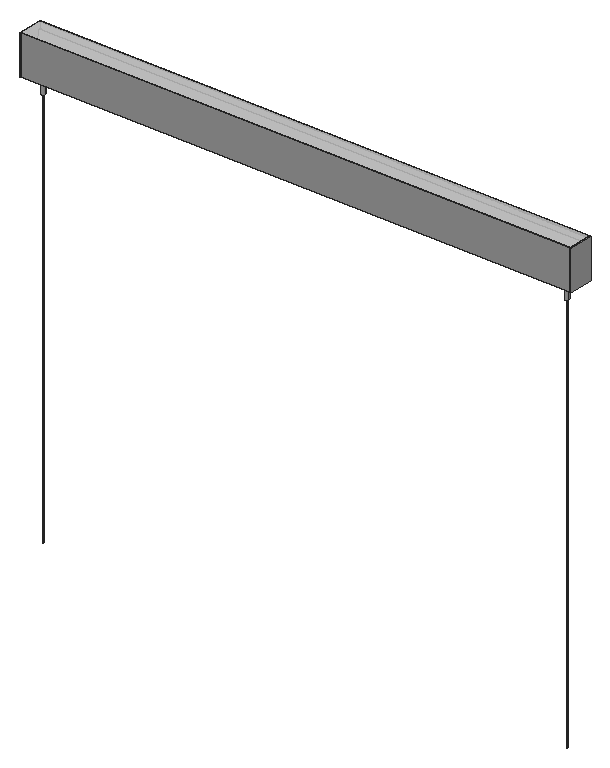
Revit family "2093105 Sylvania Lighting Fixture MC2-KIT D I 1-2M 3K DALI WHT OPAL", category Lighting Fixtures, host Face, Revit 2016
Family settings
  Host = Face
  Part Type = Normal
  Round Connector Dimension = Use Diameter
  OmniClass Number = 23.80.70.11.17
  OmniClass Title = Specialized Lighting by Location or Use
  Cut with Voids When Loaded = No
  Light Source = Yes
  Shared = No
  Room Calculation Point = No
Parameters (values of type "2093105 MC2-KIT D/I 1.2M 3K DALI WHT OPAL")
  Width_SYL = 54.0 mm
  Weight = "3.4 kg"
  Wattage = 32 W
  WarrantyStartDate [instance] = "n/a"
  WarrantyGuarantorParts = "n/a"
  WarrantyDurationUnit = "n/a"
  WarrantyDurationParts = "n/a"
  WarrantyDescription = "n/a"
  built-in parameter 1150110 = 1 (stored number, unit not read)
  Voltage = 0 V
  URL = "http://www.sylvania-lighting.com"
  TypeName = "MC2-KIT D/I 1.2M 3K DALI WHT OPAL"
  built-in parameter 1114217 = 1 (stored number, unit not read)
  Tilt Angle = -90.00°
  built-in parameter 1150109 = 1 (stored number, unit not read)
  built-in parameter 1150134 = (empty or 0)
  built-in parameter 1150113 = 1 (stored number, unit not read)
  SerialNumber [instance] = "n/a"
  PowerFactor = 0.95
  PowerConsumption = "32 W"
  NominalWidth = 0.0 mm
  NominalLength = 1200.0 mm
  NominalHeight = 86.0 mm
  Name = "MC2-KIT D/I 1.2M 3K DALI WHT OPAL"
  ModelReference = "MC2-KIT D/I 1.2M 3K DALI WHT OPAL"
  ModelNumber = "2093105"
  Material_3_SYL = Metal_Sylvania_Mini Contiuum II_Silver
  Photometric Web File = "2093105.ies"
  Material_4_SYL = Metal_Sylvania_Mini Contiuum II_Silver
  MountingHeight_SYL [instance] = 1000.0 mm
  Material = "aluminium housing, polycarbonate diffuser"
  ManufacturerName = "Feilo Sylvania"
  LuminousEfficacy = "120 lm/W"
  LuminaireType = ""
  LightOutputRatio = "100"
  Length_SYL = 1200.0 mm
  LampsType = Lamp  # "LED"
  LampNominalLuminous = "3833 lm"
  LampMacAdamStep = "3"
  LampColourTemperature = "3000 K"
  LampColourRenderingIndex = "80"
  Keynote = "16500"
  InstallationDate [instance] = "n/a"
  InputVoltage = "n/a"
  InputNominalFrequency = "n/a"
  IngressProtection = "IP20"
  ImpactProtectionIndex = "n/a"
  IfcExportType = "IfcLightFixtureType"
  IfcExportAs = "IfcLightFixtureType"
  Height_SYL = 86.0 mm
  ExpectedLife = 50000
  EndCapRight_SYL = yes
  EndCapLeft_SYL = yes
  Emit from Rectangle Width = Width_SYL - 2.0 mm  # 52.0 mm
  Emit from Rectangle Length = Length_SYL  # 1200.0 mm
  Emit Shape Visible in Rendering = no
  ElectricShockClassification = "Class I"
  DurationUnit = "hours"
  DocumentationLiterature = "http://www.sylvania-lighting.com/product/en-int/products/2093105"
  DimmingControlOptions = "n/a"
  CreatedOn = "10/15/2018"
  CreatedBy = "@sylvania-lighting.com"
  built-in parameter 1114216 [instance] = 1 (stored number, unit not read)
  Model = "MC2-KIT D/I 1.2M 3K DALI WHT OPAL"
  Manufacturer = "Feilo Sylvania"
  built-in parameter 1150105 = 305.58 (stored number, unit not read)
  Lumens = 3840 lm
  built-in parameter 1150115 = 1 (stored number, unit not read)
  built-in parameter 1150137 = (empty or 0)
  built-in parameter 1150139 = (empty or 0)
  built-in parameter 1150112 = 1 (stored number, unit not read)
  built-in parameter 1150114 = 1 (stored number, unit not read)
  Lamp = "LED"
  built-in parameter 1150132 = 2
  built-in parameter 1150102 = (empty or 0)
  built-in parameter 1150107 = 3000 (stored number, unit not read)
  built-in parameter 1150138 = (empty or 0)
  built-in parameter 1150106 = 3.0558 (stored number, unit not read)
  Material_1_SYL = Metal_Sylvania_Mini Continuum II_White
  built-in parameter 1150104 = 11.148 (stored number, unit not read)
  Dimming Lamp Color Temperature Shift = <None>
  Material_2_SYL = Polycarbonate_Sylvania_Mini Continuum II_Opal_4000K
  Description = "2093105   MC2-KIT D/I 1.2M 3K DALI WHT OPAL  Continuous lines of LED light, white RAL 9016, direct/indirect distribution (65/35), suspended kit version is pre-wired and supplied complete with end caps and suspension cables, compact and minimalist design based on the Golden Mean, ideal for offices, meeting rooms, corridors, education facilities, museums and libraries, extruded aluminium body, diffuser: opal, colour temperature: 3000K warm white, total system power: 32W, total fixture output: 3833lm, luminaire efficacy: 120lm/W, LOR: 100%, colour rendering: Ra >80, LED Chromacity: 1 step MacAdam ellipse, lifetime: 60,000 hours at 90% of the original output (L90), energy class: A++, A+, A, IR/UV free light source without heat radiation, operating voltage: 220-240V / 50-60Hz, drive current: (Direct) 800mA + (Indirect) 350mA, electronic driver, DALI dimmable, direct/indirect independently addressable, electrical protection: CLASS I, IP20, suitable for internal environment only."
  Default Elevation = 0.0 mm
  Color Filter = 16777215
  built-in parameter 1140040 [instance] = 1
  BarCode [instance] = "n/a"
  built-in parameter 1114218 = 1 (stored number, unit not read)
  built-in parameter 1150133 = 10 (stored number, unit not read)
  AssetType = "Fixed"
  AssetIdentifier [instance] = "n/a"
  Assembly Code = "D5020200"
  Apparent Load = 32 VA
Reference planes
  plane 1 "Center (Front/Back)": y = 0
  plane 2 "Bottom Fixtures": z = 0
  plane 3 "Center (Left/Right)": x = 0
  plane 4 "Fixture Left": x = -600
  plane 5 "Fixture Right": x = 600
  plane 6 "Fixture Bottom": z = 1000
  plane 7: z = 998
  plane 8: z = 996
  plane 9: z = 986.951
  plane 10: z = 956.951
  plane 11 "Fixture Top": z = 914
  plane 12 "Mounting Right": x = 572
  plane 13 "Mounting Left": x = -572
  plane 14: z = 879
  plane 15: y = 27
  plane 16: y = -27
  plane 17: y = -26
  plane 18: y = -25
  plane 19: y = 26
  plane 20: y = 25
  plane 21: y = 11
  plane 22: y = -11
  plane 23: y = 24
  plane 24: y = 22
  plane 25: y = -22
  plane 26: y = 15
  plane 27: y = -15
  plane 28 "Upper Diffuser Left": x = -450
  plane 29 "Upper Diffuser Right": x = 450
  plane 30: x = -602
  plane 31: x = 602
Forms (mm)
  Extrusion 1, solid, material "Metal_Sylvania_Mini Continuum II_White" <- "Material_1_SYL", detail levels fine
    sketch origin (0, 0, 520) x (0, 1, 0) y (0, 0, 1)
      loop
        line (27, 480) -> (26, 480) -> (26, 478) -> (25, 478) -> (25, 396) -> (13, 396) -> (13, 398) -> (-13, 398) -> (-13, 396) -> (-25, 396) -> (-25, 478) -> (-26, 478) -> (-26, 480) -> (-27, 480) -> (-27, 394) -> (-11, 394) -> (-11, 396) -> (11, 396) -> (11, 394) -> (27, 394) -> (27, 480)
    from -600 to 600
  Extrusion 2, solid, material "Polycarbonate_Sylvania_Mini Continuum II_Opal_4000K" <- "Material_2_SYL", detail levels fine
    sketch origin (0, 0, 520) x (0, 1, 0) y (0, 0, 1)
      loop
        line (-26, 480) -> (-26, 478) -> (26, 478) -> (26, 480) -> (-26, 480)
    from -600 to 600
  Extrusion 3, solid, material "Metal_Sylvania_Mini Contiuum II_Silver" <- "Material_3_SYL", detail levels fine
    sketch origin (0, 0, 520) x (0, 1, 0) y (0, 0, 1)
      loop
        line (22, 466.951) -> (20.973, 466.951) -> (14.206, 437.951) -> (11, 437.951) -> (11, 436.951) -> (15, 436.951) -> (22, 466.951)
      loop
        line (-15, 436.951) -> (-11, 436.951) -> (-11, 437.951) -> (-14.206, 437.951) -> (-20.973, 466.951) -> (-22, 466.951) -> (-15, 436.951)
    from -600 to 600
  Extrusion 4, solid, material "Metal_Sylvania_Mini Continuum II_White" <- "Material_1_SYL", detail levels coarse+medium
    sketch origin (0, 0, 520) x (0, 1, 0) y (0, 0, 1)
      loop
        line (-27, 480) -> (-27, 394) -> (27, 394) -> (27, 480) -> (-27, 480)
    from -600 to 600
  Extrusion 5, solid, material "Metal_Sylvania_Mini Contiuum II_Silver" <- "Material_4_SYL", detail levels fine
    sketch origin (0, 0, -86) x (-1, 0, 0) y (0, -1, 0)
      loop
        circle (572, 0) r 4
      loop
        circle (-572, 0) r 4
    from 965 to 1002
  Extrusion 6, solid, material "Metal_Sylvania_Mini Contiuum II_Silver" <- "Material_4_SYL", detail levels fine
    sketch origin (0, 0, -86) x (-1, 0, 0) y (0, -1, 0)
      loop
        circle (-572, 0) r 1
      loop
        circle (572, 0) r 1
    from 86 to 965
  Extrusion 7, solid, material "Polycarbonate_Sylvania_Mini Continuum II_Opal_4000K" <- "Material_2_SYL", detail levels fine
    sketch origin (0, 0, 0) x (0, 1, 0) y (0, 0, 1)
      loop
        arc (11, 916) -> (5.59, 914.504) -> (0, 914) r 31.25
        arc (0, 914) -> (-5.59, 914.504) -> (-11, 916) r 31.25
        line (-11, 916) -> (-11, 914.934)
        arc (-11, 914.934) -> (-5.584, 913.487) -> (0, 913) r 32.25
        arc (0, 913) -> (5.584, 913.487) -> (11, 914.934) r 32.25
        line (11, 914.934) -> (11, 916)
    from -450 to 450
  Extrusion 8, void
    sketch origin (0, 0, 0) x (0, 1, 0) y (0, 0, 1)
      loop
        line (11, 918) -> (-11, 918) -> (-11, 916) -> (11, 916) -> (11, 918)
    from -450 to 450
  Extrusion 9, solid, material "Metal_Sylvania_Mini Continuum II_White" <- "Material_1_SYL", visible <- "EndCapLeft_SYL"
    sketch origin (-600, 171.684, 1219.2) x (0, 1, 0) y (0, 0, 1)
      loop
        line (-198.684, -305.2) -> (-144.684, -305.2) -> (-144.684, -219.2) -> (-198.684, -219.2) -> (-198.684, -305.2)
    from 0 to -2
  Extrusion 10, solid, material "Metal_Sylvania_Mini Continuum II_White" <- "Material_1_SYL", visible <- "EndCapRight_SYL"
    sketch origin (600, 171.684, 1219.2) x (0, 1, 0) y (0, 0, -1)
      loop
        line (-144.684, 219.2) -> (-144.684, 305.2) -> (-198.684, 305.2) -> (-198.684, 219.2) -> (-144.684, 219.2)
    from 0 to -2
Cuts and joins
  Extrusion 8 cuts Extrusion 1
Lines and regions (mm)
  Masking region 1
    outline origin (0, 0, -86) x (-1, 0, 0) y (0, -1, 0)
      loop
        line (600, -27) -> (600, 27) -> (-600, 27) -> (-600, -27) -> (600, -27)
  symbolic lines, detail levels fine
    curve 1: line (-600, 26, -86) -> (600, 26, -86)
    curve 2: line (-600, -26, -86) -> (600, -26, -86)
  model lines, detail levels coarse+medium
    curve 3: line (-572, 0, 914) -> (-572, 0, 0)
    curve 4: line (572, 0, 914) -> (572, 0, 0)
Dimensions and locks
  host sketch curve to plane 3 "Center (Left/Right)" to host sketch curve = 820.0 mm, 775.047 mm
  equal spacing: plane 4 "Fixture Left", plane 3 "Center (Left/Right)", plane 5 "Fixture Right"
  "Length_SYL": plane 4 "Fixture Left" to plane 5 "Fixture Right"
  plane 6 "Fixture Bottom" to plane 7 to plane 8 to plane 9 to plane 10 = 2.0 mm locked, 2.0 mm locked, 9.049 mm locked, 30.0 mm locked
  locked: Extrusion 1 sketch curve to Extrusion 1 sketch curve at 2
  locked: Extrusion 1 sketch curve to plane 11 "Fixture Top" at 2
  "Height_SYL": plane 6 "Fixture Bottom" to plane 11 "Fixture Top"
  locked: plane 12 "Mounting Right" to plane 5 "Fixture Right" at 28
  locked: plane 4 "Fixture Left" to plane 13 "Mounting Left" at 28
  locked: plane 11 "Fixture Top" to plane 14 at 35
  "MountingHeight_SYL": plane 6 "Fixture Bottom" to plane 2 "Bottom Fixtures"
  equal spacing: plane 15, plane 1 "Center (Front/Back)", plane 16
  "Width_SYL": plane 15 to plane 16
  plane 22 to plane 27 to plane 25 to plane 18 to plane 17 to plane 16 = 4.0 mm locked, 7.0 mm locked, 3.0 mm locked, 1.0 mm locked, 1.0 mm locked
  plane 15 to plane 19 to plane 20 to plane 23 to plane 24 to plane 26 to plane 21 = 1.0 mm locked, 1.0 mm locked, 1.0 mm locked, 2.0 mm locked, 7.0 mm locked, 4.0 mm locked
  locked: plane 4 "Fixture Left" to plane 28 "Upper Diffuser Left" at 150
  locked: plane 29 "Upper Diffuser Right" to plane 5 "Fixture Right" at 150
  equal spacing: plane 30, plane 3 "Center (Left/Right)", plane 31
  locked: plane 30 to plane 4 "Fixture Left" at 2
  aligned and locked: plane 2 "Bottom Fixtures" to host face
  aligned and locked: level to host face
  aligned and locked: plane 5 "Fixture Right" to curve 1
  aligned and locked: plane 4 "Fixture Left" to curve 1
  aligned and locked: plane 4 "Fixture Left" to curve 2
  aligned and locked: plane 5 "Fixture Right" to curve 2
  aligned and locked: Extrusion 1 sketch curve to plane 7
  aligned and locked: plane 6 "Fixture Bottom" to Extrusion 1 sketch curve  (x2)
  aligned and locked: plane 7 to Extrusion 1 sketch curve
  aligned and locked: Extrusion 1 to Extrusion 2 sketch curve
  aligned and locked: Extrusion 2 sketch curve to Extrusion 1  (x3)
  aligned and locked: Extrusion 3 sketch curve to plane 10
  aligned and locked: plane 9 to Extrusion 3 sketch curve
  aligned and locked: Extrusion 3 sketch curve to plane 9
  aligned and locked: Extrusion 4 sketch curve to plane 6 "Fixture Bottom"
  aligned and locked: Extrusion 4 to plane 4 "Fixture Left"
  aligned and locked: Extrusion 2 to plane 4 "Fixture Left"
  aligned and locked: Extrusion 3 to plane 4 "Fixture Left"
  aligned and locked: Extrusion 1 to plane 4 "Fixture Left"
  aligned and locked: Extrusion 4 to plane 5 "Fixture Right"
  aligned and locked: Extrusion 2 to plane 5 "Fixture Right"
  aligned and locked: Extrusion 3 to plane 5 "Fixture Right"
  aligned and locked: Extrusion 1 to plane 5 "Fixture Right"
  aligned and locked: plane 11 "Fixture Top" to Extrusion 4 sketch curve
  aligned and locked: Extrusion 1 sketch curve to plane 11 "Fixture Top"  (x2)
  aligned and locked: Extrusion 1 sketch curve to Extrusion 1 sketch curve
  aligned and locked: plane 6 "Fixture Bottom" to imposter light
  aligned and locked: plane 11 "Fixture Top" to curve 3
  aligned and locked: plane 2 "Bottom Fixtures" to curve 3
  aligned and locked: plane 11 "Fixture Top" to curve 4
  aligned and locked: plane 2 "Bottom Fixtures" to curve 4
  aligned and locked: curve 4 to plane 12 "Mounting Right"
  aligned and locked: curve 3 to plane 13 "Mounting Left"
  aligned and locked: Extrusion 5 to Extrusion 1
  aligned and locked: Extrusion 5 to plane 14
  aligned and locked: plane 14 to Extrusion 6
  aligned and locked: Extrusion 6 to level
  aligned and locked: plane 11 "Fixture Top" to Extrusion 7 sketch curve
  aligned and locked: Extrusion 7 to plane 28 "Upper Diffuser Left"
  aligned and locked: Extrusion 7 to plane 29 "Upper Diffuser Right"
  aligned and locked: plane 21 to Extrusion 3 sketch curve
  aligned and locked: Extrusion 3 sketch curve to plane 22
  aligned and locked: Extrusion 8 sketch curve to plane 21
  aligned and locked: Extrusion 8 sketch curve to plane 22
  aligned and locked: Extrusion 8 sketch curve to Extrusion 1  (x2)
  aligned and locked: Extrusion 8 to Extrusion 7  (x2)
  aligned and locked: plane 21 to Extrusion 7 sketch curve
  aligned and locked: plane 1 "Center (Front/Back)" to Extrusion 7 sketch curve
  aligned and locked: plane 22 to Extrusion 7 sketch curve
  aligned and locked: Extrusion 9 sketch curve to Extrusion 4  (x4)
  aligned and locked: Extrusion 9 to plane 30
  aligned and locked: plane 4 "Fixture Left" to Extrusion 9
  aligned and locked: Extrusion 10 sketch curve to Extrusion 4  (x4)
  aligned and locked: plane 31 to Extrusion 10
  aligned and locked: plane 5 "Fixture Right" to Extrusion 10
Automatic sketch dimensions
  host sketch curve to host sketch curve = 1047.463 mm
  plane 19 to curve 1 = 0.0 mm
  curve 2 to plane 17 = 0.0 mm
  Masking region 1 sketch curve to plane 5 "Fixture Right" = 0.0 mm
  Masking region 1 sketch curve to plane 4 "Fixture Left" = 0.0 mm
  plane 15 to Masking region 1 sketch curve = 0.0 mm
  Masking region 1 sketch curve to plane 16 = 0.0 mm
  Extrusion 1 sketch curve to plane 16 = 0.0 mm
  Extrusion 1 sketch curve to plane 17 = 0.0 mm
  Extrusion 1 sketch curve to plane 18 = 0.0 mm
  Extrusion 1 sketch curve to plane 22 = 0.0 mm
  Extrusion 1 sketch curve to plane 21 = 0.0 mm
  Extrusion 1 sketch curve to plane 20 = 0.0 mm
  Extrusion 1 sketch curve to plane 19 = 0.0 mm
  Extrusion 1 sketch curve to plane 15 = 0.0 mm
  plane 11 "Fixture Top" to Extrusion 1 sketch curve = 2.0 mm
  Extrusion 1 sketch curve to plane 22 = 2.0 mm
  Extrusion 1 sketch curve to plane 21 = 2.0 mm
  Extrusion 3 sketch curve to plane 25 = 0.0 mm
  Extrusion 3 sketch curve to plane 27 = 0.0 mm
  Extrusion 3 sketch curve to plane 26 = 0.0 mm
  Extrusion 3 sketch curve to plane 24 = 0.0 mm
  plane 10 to Extrusion 3 sketch curve = 1.0 mm
  Extrusion 3 sketch curve to Extrusion 3 sketch curve = 1.027 mm
  plane 27 to Extrusion 3 sketch curve = 0.794 mm
  plane 26 to Extrusion 3 sketch curve = 0.794 mm
  plane 24 to Extrusion 3 sketch curve = 1.027 mm
  Extrusion 4 sketch curve to plane 16 = 0.0 mm
  Extrusion 4 sketch curve to plane 15 = 0.0 mm
  plane 1 "Center (Front/Back)" to Extrusion 5 sketch curve = 0.0 mm  (x2)
  Extrusion 5 sketch curve to plane 12 "Mounting Right" = 0.0 mm
  Extrusion 5 sketch curve to plane 13 "Mounting Left" = 0.0 mm
  plane 1 "Center (Front/Back)" to Extrusion 6 sketch curve = 0.0 mm  (x2)
  Extrusion 6 sketch curve to plane 12 "Mounting Right" = 0.0 mm
  Extrusion 6 sketch curve to plane 13 "Mounting Left" = 0.0 mm
  Extrusion 7 sketch curve to Extrusion 7 sketch curve = 0.0 mm  (x4)
  plane 11 "Fixture Top" to Extrusion 7 sketch curve = 0.934 mm
  Extrusion 3 sketch curve to Extrusion 3 sketch curve = 0.0 mm
  Extrusion 3 sketch curve to plane 10 = 0.0 mm
  plane 11 "Fixture Top" to Extrusion 7 sketch curve = 2.0 mm
  radius of Extrusion 5 sketch curve = 4.0 mm  (x2)
  radius of Extrusion 6 sketch curve = 1.0 mm  (x2)
Connectors
  electrical at (600, 0, 949), driven by "Apparent Load"
    settings: on Extrusion 1, index 1, voltage 230 V, apparent load 0 VA, apparent load phase1 32 VA, apparent load phase2 0 VA, apparent load phase3 0 VA, power factor 1, load classification "Lighting", number of poles 1, system type 31, power factor state 1, is connector primary yes, connector utility no, sub classification motor no, connector description ""
